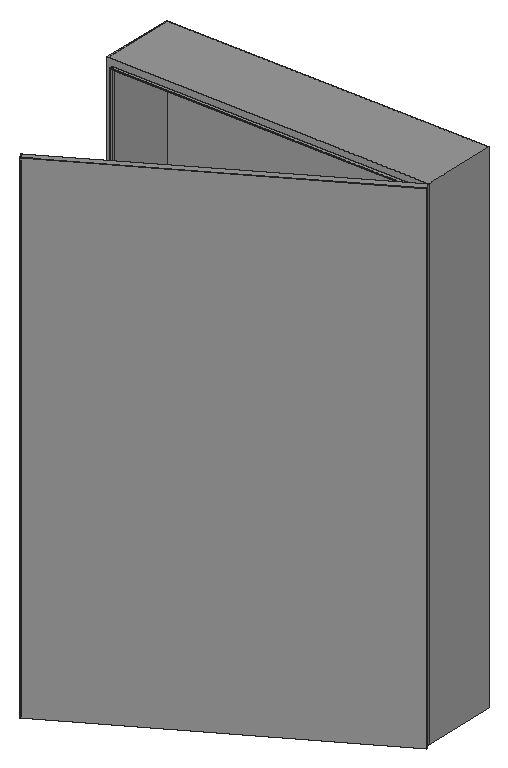
Revit family "Hager-Univers-IP44-D205-H1250-Cl.II-Encl-NoHosted-ES-es", category Electrical Equipment, Revit 2020
Family settings
  Panel Configuration = Two Columns, Circuits Across
  Round Connector Dimension = Use Diameter
  Part Type = Panelboard
  Work Plane-Based = Yes
  Always vertical = Yes
  Cut with Voids When Loaded = No
  Shared = No
  Room Calculation Point = No
Parameters (values of type "Montado superficial (escayola) IP44 A800 A1250 P205  - FP83SN2")
  Width Control [instance] = if([EF000008 - Anchura] > Min Width, [EF000008 - Anchura], Min Width)  # 800 mm
  Type Comments = [HG000003 - Gama]  # "Univers"
  Thickness Door [instance] = if([EF009171 - Espesor puerta/tapa] > 3 mm, 3 mm, [EF009171 - Espesor puerta/tapa])  # 1 mm
  Seal Frame Offset [instance] = 17 mm  # constant formula
  Plinth Visibility [instance] = [HG000027 - Altura de zócalo] > 0 mm  # no
  Min Width [instance] = 100 mm  # constant formula
  Min Depth [instance] = (2 * [EF009170 - Espesor del material de la caja]) + 1 mm  # 3 mm
  Min Height [instance] = 100 mm  # constant formula
  Internal Frame Depth [instance] = (Door System Depth * 0.5)  # 9 mm
  Panel Name [instance] = ""  # (empty or 0)
  Model = ""
  HG000027 - Altura de zócalo = 0 mm
  HG000026 - Instalación en suelo = no
  HG000024 - Altura de la sección inferior = 600 mm
  HG000023 - Caja de doble sección = no
  HG000016 - Visibilidad de la puerta 3D [instance] = yes
  HG000015 - Visibilidad a través de la puerta [instance] = no
  HG000014 - Puerta a la derecha [instance] = yes
  HG000013 - Puerta a la izquierda [instance] = not([HG000014 - Puerta a la derecha])  # no
  HG000012 - Ángulo de giro de la puerta [instance] = 30.00°
  HG000010 - Puertas asimétricas = no
  HG000009 - Puerta batiente doble = no
  HG000006 - Empotrado = no
  HG000004 - Referencia del fabricante = "FP83SN2"
  HG000003 - Gama = "Univers"
  HG000002 - Con puerta o tapa = yes
  Frame Offset Bottom [instance] = 10 mm  # constant formula
  Frame Offset [instance] = 15 mm  # constant formula
  EF015940 - Tapa con alivio de sobrepresión = no
  EF011959 - Grado de protección (NEMA) = ""
  EF009554 - Número de aberturas para placas-brida = 6
  EF009212 - Versión de la cubierta = "EV000116 - Cerrado"
  EF009171 - Espesor puerta/tapa = 1 mm
  EF009170 - Espesor del material de la caja = 1 mm
  EF008873 - Corriente nominal (In) = 250 A
  EF007800 - Adecuado para la protección contra rayos = no
  EF006306 - Con cierre = no
  EF006244 - Tapa/puerta transparente = no
  EF005474 - Grado de protección (IP) = "EV006418 - IP44"
  EF004464 - Tipo de puerta = "EV002646 - Único"
  EF004427 - Número de módulos = 288
  EF004293 - Resistencia al impacto (IK) = "EV006815 - IK09"
  EF003532 - Adecuado para uso en exteriores = no
  EF002950 - Anchura de unidades de división = 36
  EF001613 - Integridad del circuito = "EV000494 - Ninguno"
  EF001596 - Material de la carcasa = "EV000179 - Acero"
  EF001131 - Profundidad interna = 130 mm
  EF001088 - Posibilidad de extensión = yes
  EF000437 - Número de entradas de conductos de cables = 6
  EF000339 - Tipo de cubierta = "EV004216 - Puerta"
  EF000266 - Número de filas = 8
  EF000218 - Profundidad de instalación = 205 mm
  EF000118 - Con placa de montaje = no
  EF000116 - Número RAL = "9010"
  EF000049 - Profundidad = 205 mm
  EF000040 - Altura = 1250 mm
  EF000008 - Anchura = 800 mm
  EF000007 - Color = "EV000202 - Blanco"
  EF000003 - Tipo de montaje = "EV000384 - Montado superficial (escayola)"
  Door System Leaf Tolerance [instance] = 1.5 mm  # constant formula
  Door System Depth [instance] = 18 mm  # constant formula
  Door Height [instance] = Height Control - [HG000027 - Altura de zócalo]  # 1250 mm
  Description = ""
  Default Elevation = 1219.2 mm
  Connector Offset [instance] = Height Control / 2  # 625 mm
  Manufacturer = "Hager"  # constant formula
  Height Control [instance] = if([EF000040 - Altura] > Min Height, [EF000040 - Altura], Min Height)  # 1250 mm
  Depth Control [instance] = if([EF000049 - Profundidad] > Min Depth, [EF000049 - Profundidad], Min Depth)  # 205 mm
  Bottom Top Plate Trim [instance] = 1.5 mm  # constant formula
  Plinth height Ctrl [instance] = if([HG000027 - Altura de zócalo] > 0 mm, [HG000027 - Altura de zócalo], 12 mm)  # 12 mm
Types (5, lengths in mm): name | Width Control | HG000010 - Puertas asimétricas | HG000009 - Puerta batiente doble | HG000004 - Referencia del fabricante | EF009554 - Número de aberturas para placas-brida | EF004464 - Tipo de puerta | EF004427 - Número de módulos | EF002950 - Anchura de unidades de división | EF001131 - Profundidad interna | EF000437 - Número de entradas de conductos de cables | EF000339 - Tipo de cubierta | EF000008 - Anchura
  Montado superficial (escayola) IP44 A1050 A1250 P205  - FP84SN2 | 1050 | no | yes | "FP84SN2" | 8 | "EV003602 - Doble" | 384 | 48 | 130 | 8 | "EV004216 - Puerta" | 1050
  Montado superficial (escayola) IP44 A1300 A1250 P205  - FP85SN2 | 1300 | yes | yes | "FP85SN2" | 10 | "EV003602 - Doble" | 480 | 60 | 130 | 10 | "EV004216 - Puerta" | 1300
  Montado superficial (escayola) IP44 A300 A1250 P205  - FP81SN2 | 300 | no | no | "FP81SN2" | 2 | "EV002646 - Único" | 96 | 12 | 143 | 2 | "EV001012 - Cubrir" | 300
  Montado superficial (escayola) IP44 A550 A1250 P205  - FP82SN2 | 550 | no | no | "FP82SN2" | 4 | "EV002646 - Único" | 192 | 24 | 143 | 4 | "EV001012 - Cubrir" | 550
  Montado superficial (escayola) IP44 A800 A1250 P205  - FP83SN2 | 800 | no | no | "FP83SN2" | 6 | "EV002646 - Único" | 288 | 36 | 130 | 6 | "EV004216 - Puerta" | 800
Reference planes
  plane 1 "Center (Front/Back)": y = 0
  plane 2: z = 0
  plane 3 "Center (Left/Right)": x = 0
  plane 4: y = 0
  plane 5: y = 0
  plane 6: z = 0
  plane 7: x = -400
  plane 8: x = 400
  plane 9: x = 399
  plane 10: x = -399
  plane 11: z = 0
  plane 12: z = 1
  plane 13: y = -205
  plane 14: y = -1
  plane 15: x = 0
  plane 16: y = -187
  plane 17: y = -204
  plane 18: y = -186
  plane 19: x = -384
  plane 20: x = 384
  plane 21: z = 11
  plane 22: x = -383
  plane 23: x = 383
  plane 24: z = 0
  plane 25: z = 1250
  plane 26: z = 1250
  plane 27: z = 1234
  plane 28: z = 1249
Forms (mm)
  Extrusion 1, solid, material "Hager_Steel_RAL7035_Light_Grey", detail levels medium+fine
    sketch origin (-208.679, -4572, 0) x (-1, 0, 0) y (0, -1, 0)
      loop
        line (191.321, -4385) -> (-608.679, -4385) -> (-608.679, -4572) -> (191.321, -4572) -> (191.321, -4385)
    from 0 to 1250
  Extrusion 2, void
    sketch origin (-350.771, -205, 1219.2) x (1, 0, 0) y (0, 0, 1)
      loop
        line (-48.229, 29.8) -> (-48.229, -1218.2) -> (749.771, -1218.2) -> (749.771, 29.8) -> (-48.229, 29.8)
    from -19 to -204
  Extrusion 3, void
    sketch origin (-290.084, -187, 1219.2) x (1, 0, 0) y (0, 0, 1)
      loop
        line (-93.916, -1208.2) -> (674.084, -1208.2) -> (674.084, 14.8) -> (-93.916, 14.8) -> (-93.916, -1208.2)
    from 0 to -1
  Extrusion 4, solid, material "Hager_Steel_RAL7035_Light_Grey", visible <- "Plinth Visibility", detail levels medium+fine
    sketch origin (0, 0, 0) x (1, 0, 0) y (0, 1, 0)
      loop
        line (-400, 0) -> (-400, -187) -> (400, -187) -> (400, 0) -> (-400, 0)
    from 0 to 12 <- "Plinth height Ctrl"
  Extrusion 5, solid, material "Hager_Steel_RAL7035_Light_Grey", detail levels coarse
    sketch origin (0, 0, 0) x (1, 0, 0) y (0, 1, 0)
      loop
        line (-400, 0) -> (-400, -205) -> (400, -205) -> (400, 0) -> (-400, 0)
    from 0 to 1250 <- "Height Control"
  Sweep 6, void
    path in 3D
      loop
        line (-400, -187, 12) -> (400, -187, 12) -> (400, 0, 12) -> (-400, 0, 12) -> (-400, -187, 12)
    profile origin (-400, -93.5, 12) x (1, 0, 0) y (0, 0, 1)
      loop
        line (0, 0) -> (0, -1.5) -> (1.5, -1.5)
        arc (1.5, -1.5) -> (1.061, -0.439) -> (0, 0) r 1.5
  Extrusion 7, solid, material "Hager_Steel_RAL7035_Light_Grey", detail levels fine
    sketch origin (-400, -187, 0) x (1, 0, 0) y (0, 0, 1)
      loop
        line (16, 11) -> (784, 11) -> (784, 1234) -> (16, 1234) -> (16, 11)
      loop
        line (15, 10) -> (785, 10) -> (785, 1235) -> (15, 1235) -> (15, 10)
    from 0 to 9 <- "Internal Frame Depth"
Cuts and joins
  Extrusion 2, Extrusion 3 cuts Extrusion 1
  Sweep 6 cuts Extrusion 4
Lines and regions (mm)
  Masking region 1
    outline origin (0, 0, 0) x (1, 0, 0) y (0, 1, 0)
      loop
        line (-400, 0) -> (-400, -205) -> (400, -205) -> (400, 0) -> (-400, 0)
  Masking region 2, detail levels coarse
    outline origin (-290.084, -187, 1219.2) x (-1, 0, 0) y (0, 0, 1)
      loop
        line (-690.084, -1219.2) -> (109.916, -1219.2) -> (109.916, 30.8) -> (-690.084, 30.8) -> (-690.084, -1219.2)
  Masking region 3, detail levels coarse
    outline origin (0, 0, 0) x (0, 1, 0) y (0, 0, 1)
      loop
        line (0, 0) -> (0, 1250) -> (-205, 1250) -> (-205, 0) -> (0, 0)
  Masking region 4, visible <- "Plinth Visibility", detail levels medium+fine
    outline origin (0, 0, 0) x (0, 1, 0) y (0, 0, 1)
      loop
        line (-1.5, 12) -> (-185.5, 12)
        arc (-185.5, 12) -> (-185.939, 10.939) -> (-187, 10.5) r 1.5
        line (-187, 10.5) -> (-187, 0) -> (0, 0) -> (0, 10.5)
        arc (0, 10.5) -> (-1.061, 10.939) -> (-1.5, 12) r 1.5
  Masking region 5, detail levels medium+fine
    outline origin (0, 0, 594.038) x (0, 1, 0) y (0, 0, 1)
      loop
        line (0, -594.038) -> (0, 655.962) -> (-187, 655.962) -> (-187, -594.038) -> (0, -594.038)
  Masking region 6, detail levels medium+fine
    outline origin (-359.7, -187, 1211.883) x (-1, 0, 0) y (0, 0, 1)
      loop
        line (-759.7, -1211.883) -> (40.3, -1211.883) -> (40.3, 38.117) -> (-759.7, 38.117) -> (-759.7, -1211.883)
  Masking region 7, visible <- "Plinth Visibility", detail levels medium+fine
    outline origin (-320.334, -187, 1041.368) x (-1, 0, 0) y (0, 0, 1)
      loop
        line (-720.334, -1041.368) -> (79.666, -1041.368) -> (79.666, -1030.868)
        arc (79.666, -1030.868) -> (78.606, -1030.429) -> (78.166, -1029.368) r 1.5
        line (78.166, -1029.368) -> (-718.834, -1029.368)
        arc (-718.834, -1029.368) -> (-719.273, -1030.429) -> (-720.334, -1030.868) r 1.5
        line (-720.334, -1030.868) -> (-720.334, -1041.368)
  sketch lines
    curve 1: line (-400, 0, 12) -> (-400, -187, 12)
    curve 2: line (-400, -187, 12) -> (400, -187, 12)
    curve 3: line (400, 0, 12) -> (-400, 0, 12)
    curve 4: line (400, -187, 12) -> (400, 0, 12)
Dimensions and locks
  locked: plane 1 "Center (Front/Back)" to plane 5
  "EF009170 - Espesor del material de la caja": plane 7 to plane 10
  "EF009170 - Espesor del material de la caja": plane 8 to plane 9
  equal spacing: plane 7, plane 3 "Center (Left/Right)", plane 8
  "Width Control": plane 7 to plane 8
  "Depth Control": plane 4 to plane 13
  "EF009170 - Espesor del material de la caja": plane 4 to plane 14
  "Height Control": plane 25 to level
  "HG000027 - Altura de zócalo": plane 11 to level
  "EF009170 - Espesor del material de la caja": plane 12 to plane 11
  "EF009170 - Espesor del material de la caja": plane 17 to plane 13
  "EF009170 - Espesor del material de la caja": plane 18 to plane 16
  "Frame Offset Bottom": plane 21 to plane 12
  "Frame Offset": plane 10 to plane 19
  "Frame Offset": plane 9 to plane 20
  "Door System Depth": plane 16 to plane 13
  "Seal Frame Offset": plane 7 to plane 22
  "Seal Frame Offset": plane 8 to plane 23
  "EF009170 - Espesor del material de la caja": plane 26 to plane 28
  "Frame Offset": plane 28 to plane 27
  "Connector Offset": plane 2 to connector elem
  "Bottom Top Plate Trim": profile plane to Sweep 6 sketch curve
  "Bottom Top Plate Trim": Sweep 6 sketch curve to Sweep 6 sketch curve
  "Plinth height Ctrl": Masking region 4 sketch curve to level
  "Plinth height Ctrl": Masking region 7 sketch curve to level
  "Thickness Door": Extrusion 7 sketch curve to Extrusion 7 sketch curve  (x4)
  "Bottom Top Plate Trim": radius of Sweep 6 sketch curve
  "Bottom Top Plate Trim": radius of Masking region 4 sketch curve  (x2)
  "Bottom Top Plate Trim": radius of Masking region 7 sketch curve  (x2)
  aligned and locked: Extrusion 2 sketch curve to plane 12
  aligned and locked: Extrusion 2 sketch curve to plane 9
  aligned and locked: Extrusion 2 sketch curve to plane 10
  aligned and locked: Extrusion 2 to plane 14
  aligned and locked: Extrusion 1 sketch curve to plane 4
  aligned and locked: plane 8 to Extrusion 1 sketch curve
  aligned and locked: plane 7 to Extrusion 1 sketch curve
  aligned and locked: Extrusion 2 to plane 18
  aligned and locked: Extrusion 3 sketch curve to plane 19
  aligned and locked: plane 20 to Extrusion 3 sketch curve
  aligned and locked: Extrusion 3 to Extrusion 2
  aligned and locked: Extrusion 3 sketch curve to plane 21
  aligned and locked: plane 3 "Center (Left/Right)" to nested 1
  aligned and locked: Extrusion 1 sketch curve to plane 16
  aligned and locked: Extrusion 4 sketch curve to cut or joined group of Extrusion 1, Extrusion 2, Extrusion 3
  aligned and locked: Masking region 1 sketch curve to plane 7
  aligned and locked: Masking region 1 sketch curve to plane 5
  aligned and locked: Masking region 1 sketch curve to plane 8
  aligned and locked: Masking region 2 sketch curve to level
  aligned and locked: level to Masking region 3 sketch curve
  aligned and locked: plane 1 "Center (Front/Back)" to Masking region 3 sketch curve
  aligned and locked: plane 13 to Masking region 3 sketch curve
  aligned and locked: plane 5 to Masking region 4 sketch curve
  aligned and locked: Masking region 2 sketch curve to plane 8
  aligned and locked: Masking region 2 sketch curve to plane 7
  aligned and locked: plane 7 to nested 2
  aligned and locked: nested 2 to plane 5
  aligned and locked: plane 5 to Masking region 5 sketch curve
  aligned and locked: plane 26 to Masking region 5 sketch curve
  aligned and locked: Extrusion 5 sketch curve to plane 8
  aligned and locked: Extrusion 5 sketch curve to plane 7
  aligned and locked: Extrusion 5 sketch curve to plane 5
  aligned and locked: Extrusion 3 sketch curve to plane 27
  aligned and locked: Extrusion 2 sketch curve to plane 28
  aligned and locked: Masking region 2 to plane 25
  aligned and locked: Extrusion 4 to plane 16
  aligned and locked: profile plane to Sweep 6 sketch curve
  aligned and locked: Masking region 5 sketch curve to plane 24
  aligned and locked: level to Masking region 4 sketch curve
  aligned and locked: Masking region 1 to plane 13
  aligned and locked: nested 1 to plane 16
  aligned and locked: Masking region 3 to plane 25
  aligned and locked: plane 16 to Masking region 4 sketch curve
  aligned and locked: Masking region 5 sketch curve to plane 16
  aligned and locked: plane 24 to plane 11
  aligned and locked: plane 26 to plane 25
  aligned and locked: plane 26 to cut or joined group of Extrusion 1, Extrusion 2, Extrusion 3
  aligned and locked: nested 1 to plane 24
  aligned and locked: Extrusion 1 to Extrusion 3
  aligned and locked: Masking region 6 sketch curve to plane 8
  aligned and locked: Masking region 6 sketch curve to plane 24
  aligned and locked: Masking region 6 sketch curve to plane 7
  aligned and locked: Masking region 6 sketch curve to plane 26
  aligned and locked: Masking region 7 sketch curve to plane 7
  aligned and locked: level to Masking region 7 sketch curve
  aligned and locked: Masking region 7 sketch curve to plane 8
  aligned and locked: Extrusion 7 sketch curve to cut or joined group of Extrusion 1, Extrusion 2, Extrusion 3  (x4)
Automatic sketch dimensions
  plane 19 to Extrusion 3 sketch curve = 0 mm
  Extrusion 3 sketch curve to plane 20 = 0 mm
  Extrusion 3 sketch curve to plane 21 = 0 mm
  Extrusion 4 sketch curve to plane 7 = 0 mm
  Extrusion 4 sketch curve to plane 8 = 0 mm
  Extrusion 4 sketch curve to plane 16 = 0 mm
  Masking region 1 sketch curve to plane 13 = 0 mm
  Masking region 2 sketch curve to plane 25 = 0 mm
  Masking region 3 sketch curve to plane 25 = 0 mm
  Extrusion 5 sketch curve to plane 13 = 0 mm
  profile plane to Sweep 6 sketch curve = 0 mm
Nested families
  nested 1: "EC000058_Univers_Door" at (0, -187, 0), Double <- "HG000009 - Puerta batiente doble", Transparent <- "EF006244 - Tapa/puerta transparente", Angle <- "HG000012 - Ángulo de giro de la puerta", Door_Right <- "HG000014 - Puerta a la derecha", Assymetrical <- "HG000010 - Puertas asimétricas", Door <- "HG000002 - Con puerta o tapa", Width_Ctrl <- "Width Control", 3d_Door <- "HG000016 - Visibilidad de la puerta 3D", Clearance <- "HG000015 - Visibilidad a través de la puerta", Door_Left <- "HG000013 - Puerta a la izquierda", Width <- "Width Control", Door_Depth <- "Door System Depth", Leaf_Tolerance <- "Door System Leaf Tolerance", Height <- "Door Height", Lock_Visibility <- "EF006306 - Con cierre", Thickness <- "Thickness Door", type "EC000058_Univers_Door", detail levels medium+fine
    with min_wh 3 mm, Width_Ctrl 800 mm, Width 800 mm, Transparent no, Thickness 1 mm, Seal_Material Hager_Rubber, Lock_Visibility no, Lock_Material Hager_Plastic_RAL9005_Jet_Black, Leaf_Width 800 mm, Leaf_Tolerance_External_Sides 0 mm, Leaf_Tolerance 1.5 mm, Leaf_Offset 0 mm, Leaf_Height 1247 mm, Leaf_2_Width 800 mm, Leaf_2_Offset 400 mm, Leaf_1_Width 800 mm, Leaf_1_Offset 400 mm, Height_Ctrl 1250 mm, Height 1250 mm, Glass_Material Hager_Glass, Double_Clearance_Ctrl no, Double no, Door_Right_Ctrl yes, Door_Right yes, Door_Material Hager_Steel_RAL7035_Light_Grey, Door_Left_Ctrl no, Door_Left no, Door_Depth 18 mm, Door yes, Clearance_Material Hager_Clearance, Clearance_Depth 800 mm, Clearance_Ctrl no, Clearance no, Assymetrical no, Angle 30.00°, 3d_Door yes
  nested 2: "Hager_Enclosure_Symbol" at (-400, 0, 0), Height <- "Depth Control", Width <- "Width Control", type "Hager_Enclosure_Symbol"
    with Width_Ctrl 800 mm, Width 800 mm, Height_Ctrl 205 mm, Height 205 mm, A_Width_Int 13.453 mm, A_Width 161.438 mm, A_Height_Ctrl 179.375 mm, A_Height 179.375 mm
Connectors
  electrical at (0, 0, 625)
    settings: on plane 1 "Center (Front/Back)", index 1, voltage 0 V, apparent load 0 VA, apparent load phase1 0 VA, apparent load phase2 0 VA, apparent load phase3 0 VA, power factor 1, load classification "Other", number of poles 1, system type 30, power factor state 1, is connector primary yes, connector utility no, sub classification motor no, connector description ""
Definition of nested family "EC000058_Univers_Door"
  Parameters (values of type "EC000058_Univers_Door")
    min_wh [instance] = (2 * Thickness) + 1 mm  # 11 mm
    Width_Ctrl [instance] = 400 mm
    Width [instance] = 500 mm
    Transparent [instance] = yes
    Thickness [instance] = 5 mm
    Seal_Material [instance] = none
    Lock_Visibility [instance] = yes
    Lock_Material [instance] = none
    Leaf_Width [instance] = if((Width_Ctrl - 2 * Leaf_Tolerance_External_Sides) > 0 mm, (Width_Ctrl - 2 * Leaf_Tolerance_External_Sides), min_wh)  # 400 mm
    Leaf_Tolerance_External_Sides [instance] = 0 mm  # constant formula
    Leaf_Tolerance [instance] = 1.5 mm
    Leaf_Offset [instance] = 0 mm  # constant formula
    Leaf_Height [instance] = if((Height_Ctrl - 2 * Leaf_Tolerance) > 0 mm, (Height_Ctrl - 2 * Leaf_Tolerance), min_wh)  # 497 mm
    Leaf_2_Width [instance] = if(and(and(Double, Assymetrical), Door_Left), (Leaf_Width / 3) - (Leaf_Tolerance / 2), if(and(and(Double, Assymetrical), Door_Right), (Leaf_Width / 3) * 2 - (Leaf_Tolerance / 2), if(and(Double, not(Assymetrical)), (Leaf_Width / 2) - Leaf_Tolerance, Leaf_Width)))  # 400 mm
    Leaf_2_Offset [instance] = if(and(Double, Assymetrical), Leaf_2_Width / 2, if(and(Double, not(Assymetrical)), Leaf_Width / 4, Leaf_Width / 2))  # 200 mm
    Leaf_1_Width [instance] = if(and(and(Double, Assymetrical), Door_Right), (Leaf_Width / 3) - (Leaf_Tolerance / 2), if(and(and(Double, Assymetrical), Door_Left), (Width / 3) * 2 - (Leaf_Tolerance / 2), if(and(Double, not(Assymetrical)), (Leaf_Width / 2) - Leaf_Tolerance, Leaf_Width)))  # 400 mm
    Leaf_1_Offset [instance] = if(and(Double, Assymetrical), Leaf_1_Width / 2, if(and(Double, not(Assymetrical)), Leaf_Width / 4, Leaf_Width / 2))  # 200 mm
    Height_Ctrl [instance] = if(Height > min_wh, Height, min_wh)  # 500 mm
    Height [instance] = 500 mm
    Glass_Material [instance] = none
    Double_Clearance_Ctrl [instance] = and(Double, Clearance)  # no
    Double [instance] = no
    Door_Right_Ctrl [instance] = and(or(Door_Right, Double), Door)  # yes
    Door_Right [instance] = yes
    Door_Material [instance] = none
    Door_Left_Ctrl [instance] = and(or(Door_Left, Double), Door)  # no
    Door_Left [instance] = no
    Door_Depth [instance] = 30 mm
    Door [instance] = yes
    Default Elevation = 1219.2 mm
    Clearance_Material [instance] = none
    Clearance_Depth [instance] = if(Leaf_1_Width > Leaf_2_Width, Leaf_1_Width, Leaf_2_Width)  # 400 mm
    Clearance_Ctrl [instance] = and(not(Double), Clearance)  # yes
    Clearance [instance] = yes
    Assymetrical [instance] = yes
    Angle [instance] = 30.00°
    3d_Door [instance] = yes
  Reference planes
    plane 1 "Center (Front/Back)": y = 0
    plane 2 "Bottom": z = 0
    plane 3 "Center (Left/Right)": x = 0
    plane 4: z = 500
    plane 5: x = -200
    plane 6: x = 200
    plane 7: z = 500
    plane 8: x = -200
    plane 9: z = 0
    plane 10: x = 200
    plane 11: y = 0
    plane 12: z = 1.5
    plane 13: x = -600
    plane 14: y = -400
    plane 15: x = 600
    plane 16: x = 0
    plane 17: x = 0
    plane 18: x = -200
    plane 19: x = 200
    plane 20: z = 498.5
  Forms (mm)
    Extrusion 1, solid, material <- "Clearance_Material", visible <- "Double_Clearance_Ctrl"
      sketch origin (1200, 0, 0) x (1, 0, 0) y (0, 0, -1)
        loop
          line (-1800, -498.5) -> (-600, -498.5) -> (-600, 0) -> (-1800, 0) -> (-1800, -498.5)
      from 0 to -400
  Dimensions and locks
    equal spacing: plane 5, plane 3 "Center (Left/Right)", plane 6
    "Width_Ctrl": plane 5 to plane 6
    "Leaf_Offset": plane 5 to plane 8
    "Leaf_Offset": plane 6 to plane 10
    "Leaf_Offset": plane 9 to level
    "Leaf_Offset": plane 4 to plane 7
    "Height_Ctrl": plane 4 to level
    "Leaf_Tolerance": plane 12 to plane 9
    locked: plane 11 to plane 1 "Center (Front/Back)"
    "Leaf_1_Offset": plane 18 to plane 16
    "Leaf_2_Offset": plane 17 to plane 19
    "Leaf_1_Width": plane 13 to plane 8
    "Leaf_2_Width": plane 10 to plane 15
    "Clearance_Depth": plane 14 to plane 1 "Center (Front/Back)"
    "Leaf_Tolerance_External_Sides": plane 8 to plane 18
    "Leaf_Tolerance_External_Sides": plane 19 to plane 10
    "Leaf_Tolerance": plane 7 to plane 20
    aligned and locked: level to plane 2 "Bottom"
    aligned and locked: nested 1 to plane 16
    aligned and locked: nested 2 to plane 17
    aligned and locked: Extrusion 1 to plane 13
    aligned and locked: plane 15 to Extrusion 1
    aligned and locked: Extrusion 1 to plane 14
    aligned and locked: plane 12 to nested 1
    aligned and locked: nested 2 to plane 12
    aligned and locked: Extrusion 1 to plane 11
    aligned and locked: plane 20 to Extrusion 1
    aligned and locked: nested 2 to plane 11
    aligned and locked: nested 1 to plane 11
  Automatic sketch dimensions
    Extrusion 1 sketch curve to level = 0 mm
    plane 5 to Extrusion 1 sketch curve = 400 mm
    plane 6 to Extrusion 1 sketch curve = 400 mm
    Extrusion 1 sketch curve to plane 4 = 1.5 mm
  Nested families
    nested 1: "EC000058_Univers_Door_Leaf" at (0, 0, 1.5), Width <- "Leaf_1_Width", visible <- "Door_Left_Ctrl", Leaf_Height <- "Leaf_Height", Angle <- "Angle", 3d_Door <- "3d_Door", Transparent <- "Transparent", Clearance Material <- "Clearance_Material", Clearance <- "Clearance_Ctrl", Door_Material <- "Door_Material", Glass_Material <- "Glass_Material", Door_Depth <- "Door_Depth", Lock_Material <- "Lock_Material", Seal_Material <- "Seal_Material", Lock_Visibility <- "Lock_Visibility", Thickness <- "Thickness", type "EC000058_Univers_Door_Leaf"
      with Width 400 mm, Transparent_Glass_Offset 30 mm, Transparent_Ctrl yes, Transparent yes, Thickness 5 mm, Standard no, Seal_Material none, Seal_D2 8 mm, Seal_D1 1 mm, Offset_Internal_Frame 10 mm, Lock_Width 20 mm, Lock_Visibility_3d yes, Lock_Visibility yes, Lock_Thickness_3 3 mm, Lock_Thickness_2 1 mm, Lock_Thickness_1 3 mm, Lock_Radius_Offset_2 16 mm, Lock_Radius_Offset_1 15 mm, Lock_Radius_2 5 mm, Lock_Radius 6 mm, Lock_Offset 5 mm, Lock_Material none, Lock_Height 80 mm, Lock_Cover_Top_Offset_2d 17 mm, Lock_Cover_Height -65 mm, Leaf_Height 497 mm, Internal_Seal_Thickness 8 mm, Internal_Seal_Depth_2 4.5 mm, Internal_Frame_Depth 25 mm, Glass_Thickness -1 mm, Glass_Offset -2 mm, Glass_Material none, Door_Material none, Door_Depth 30 mm, Clearance Material none, Clearance yes, Angle_Ctrl 30.00°, Angle 30.00°, 3d_Door yes
    nested 2: "EC000058_Univers_Door_Leaf" at (0, 0, 1.5) x (-1, 0, 0) z (0, 0, 1), Width <- "Leaf_2_Width", visible <- "Door_Right_Ctrl", Leaf_Height <- "Leaf_Height", Angle <- "Angle", 3d_Door <- "3d_Door", Transparent <- "Transparent", Clearance Material <- "Clearance_Material", Clearance <- "Clearance_Ctrl", Door_Material <- "Door_Material", Glass_Material <- "Glass_Material", Door_Depth <- "Door_Depth", Lock_Material <- "Lock_Material", Seal_Material <- "Seal_Material", Lock_Visibility <- "Lock_Visibility", Thickness <- "Thickness", type "EC000058_Univers_Door_Leaf"
      with Width 400 mm, Transparent_Glass_Offset 30 mm, Transparent_Ctrl yes, Transparent yes, Thickness 5 mm, Standard no, Seal_Material none, Seal_D2 8 mm, Seal_D1 1 mm, Offset_Internal_Frame 10 mm, Lock_Width 20 mm, Lock_Visibility_3d yes, Lock_Visibility yes, Lock_Thickness_3 3 mm, Lock_Thickness_2 1 mm, Lock_Thickness_1 3 mm, Lock_Radius_Offset_2 16 mm, Lock_Radius_Offset_1 15 mm, Lock_Radius_2 5 mm, Lock_Radius 6 mm, Lock_Offset 5 mm, Lock_Material none, Lock_Height 80 mm, Lock_Cover_Top_Offset_2d 17 mm, Lock_Cover_Height -65 mm, Leaf_Height 497 mm, Internal_Seal_Thickness 8 mm, Internal_Seal_Depth_2 4.5 mm, Internal_Frame_Depth 25 mm, Glass_Thickness -1 mm, Glass_Offset -2 mm, Glass_Material none, Door_Material none, Door_Depth 30 mm, Clearance Material none, Clearance yes, Angle_Ctrl 30.00°, Angle 30.00°, 3d_Door yes
  Definition of nested family "EC000058_Univers_Door_Leaf"
    Parameters (values of type "EC000058_Univers_Door_Leaf")
      Width [instance] = 2000 mm
      Transparent_Glass_Offset [instance] = 30 mm
      Transparent_Ctrl [instance] = and(Transparent, [3d_Door])  # yes
      Transparent [instance] = yes
      Thickness [instance] = 5 mm
      Standard [instance] = and(not(Transparent), [3d_Door])  # no
      Seal_Material [instance] = none
      Seal_D2 [instance] = 8 mm  # constant formula
      Seal_D1 [instance] = 1 mm  # constant formula
      Offset_Internal_Frame [instance] = 10 mm  # constant formula
      Lock_Width [instance] = 20 mm  # constant formula
      Lock_Visibility_3d [instance] = and(Lock_Visibility, [3d_Door])  # yes
      Lock_Visibility [instance] = yes
      Lock_Thickness_3 [instance] = 3 mm  # constant formula
      Lock_Thickness_2 [instance] = 1 mm  # constant formula
      Lock_Thickness_1 [instance] = 3 mm  # constant formula
      Lock_Radius_Offset_2 [instance] = Lock_Radius_Offset_1 + 1 mm  # 16 mm
      Lock_Radius_Offset_1 [instance] = 15 mm  # constant formula
      Lock_Radius_2 [instance] = Lock_Radius - 1 mm  # 5 mm
      Lock_Radius [instance] = 6 mm  # constant formula
      Lock_Offset [instance] = 5 mm  # constant formula
      Lock_Material [instance] = none
      Lock_Height [instance] = 80 mm  # constant formula
      Lock_Cover_Top_Offset_2d [instance] = Lock_Radius_Offset_2 + 1 mm  # 17 mm
      Lock_Cover_Height [instance] = -(Lock_Height - Lock_Radius_Offset_1)  # -65 mm
      Leaf_Height [instance] = 2720.336 mm
      Internal_Seal_Thickness [instance] = 8 mm  # constant formula
      Internal_Seal_Depth_2 [instance] = 4.5 mm  # constant formula
      Internal_Frame_Depth [instance] = if(Door_Depth - Thickness > 5 mm, Door_Depth - Thickness, 5 mm)  # 25 mm
      Glass_Thickness [instance] = if(Thickness > 15 mm, Glass_Offset + 10 mm, -1 mm)  # -1 mm
      Glass_Offset [instance] = if(Thickness > 15 mm, -(Thickness + 10 mm) / 2, -2 mm)  # -2 mm
      Glass_Material [instance] = none
      Door_Material [instance] = none
      Door_Depth [instance] = 30 mm
      Default Elevation = 0 mm
      Clearance Material [instance] = none
      Clearance [instance] = yes
      Angle_Ctrl [instance] = if(Angle > 180.00°, 180.00°, Angle)  # 90.00°
      Angle [instance] = 90.00°
      3d_Door [instance] = yes
    Reference planes
      plane 1 "Center (Front/Back)": y = 0
      plane 2: z = 0
      plane 3 "Center (Left/Right)": x = 0
      plane 4: y = 2000
      plane 5: x = -1000
      plane 6: x = 1000
      plane 7: x = -3000
      plane 8: z = 2720.336
      plane 9: z = 30
      plane 10: z = 2690.336
      plane 11: x = 970
      plane 12: x = -970
      plane 13: y = -3
      plane 14: z = 107.833
      plane 15: y = -5
      plane 16: y = -223.314
      plane 17: x = -1000
      plane 18: z = 1360.168
      plane 19: y = 30
    Forms (mm)
      Extrusion 1, solid, material <- "Clearance Material", visible <- "Clearance"
        sketch origin (0, 0, 0) x (1, 0, 0) y (0, 0, 1)
          loop
            line (-3000, 2720.336) -> (-3000, 0) -> (1000, 0) -> (1000, 2720.336) -> (-3000, 2720.336)
        from 0 to -2000
      Extrusion 2, solid, material <- "Door_Material", visible <- "Standard", detail levels medium+fine
        sketch origin (-1000, 0, 0) x (0, 1, 0) y (-1, 0, 0)
          loop
            line (0, 30) -> (0, 25) -> (2000, 25) -> (2000, 30) -> (0, 30)
        from 0 to 2720.336 <- "Leaf_Height"
      Extrusion 3, solid, material <- "Door_Material", visible <- "Transparent_Ctrl", detail levels medium+fine
        sketch origin (-1000, 0, 0) x (0, 1, 0) y (-1, 0, 0)
          loop
            line (0, 25) -> (2000, 25) -> (2000, 30) -> (0, 30) -> (0, 25)
        from 0 to 2720.336 <- "Leaf_Height"
      Extrusion 4, void
        sketch origin (-1025, 2000, 0) x (0, 1, 0) y (0, 0, -1)
          loop
            line (-30, -2690.336) -> (-30, -30) -> (-1970, -30) -> (-1970, -2690.336) -> (-30, -2690.336)
        from 0 to 5 <- "Thickness"
      Sweep 5, solid, material <- "Seal_Material", visible <- "Transparent_Ctrl", detail levels fine
        path in 3D
          loop
            line (-1025, 30, 30) -> (-1025, 30, 2690.336) -> (-1025, 1970, 2690.336) -> (-1025, 1970, 30) -> (-1025, 30, 30)
        profile origin (-1025, 1000, 30) x (1, 0, 0) y (0, 0, 1)
          loop
            line (0, 0) -> (0, -8) -> (1, -8) -> (1, 0) -> (0, 0)
      Extrusion 6, solid, material <- "Glass_Material", visible <- "Transparent_Ctrl", detail levels medium+fine
        sketch origin (-1030, 0, 0) x (0, 1, 0) y (0, 0, -1)
          loop
            line (1970, -2690.336) -> (1970, -30) -> (30, -30) -> (30, -2690.336) -> (1970, -2690.336)
        from -2 <- "Glass_Offset" to -1 <- "Glass_Thickness"
      Extrusion 7, solid, material <- "Door_Material", visible <- "3d_Door", detail levels medium+fine
        sketch origin (-1025, 2000, 0) x (0, -1, 0) y (0, 0, -1)
          loop
            line (0, -2720.336) -> (2000, -2720.336) -> (2000, 0) -> (0, 0) -> (0, -2720.336)
          loop
            line (1995, -5) -> (5, -5) -> (5, -2715.336) -> (1995, -2715.336) -> (1995, -5)
        from 0 to 25 <- "Internal_Frame_Depth"
      Sweep 8, solid, material <- "Seal_Material", visible <- "Transparent_Ctrl", detail levels fine
        path in 3D
          loop
            line (-1025, 0, 0) -> (-1025, 2000, 0) -> (-1025, 2000, 2720.336) -> (-1025, 0, 2720.336) -> (-1025, 0, 0)
        profile origin (-1025, 0, 1360.168) x (1, 0, 0) y (0, 1, 0)
          loop
            line (0, 10) -> (2.975, 10)
            arc (2.975, 10) -> (4.053, 10.447) -> (4.5, 11.525) r 1.525
            line (4.5, 11.525) -> (4.5, 16.527)
            arc (4.5, 16.527) -> (4.069, 17.569) -> (3.027, 18) r 1.473
            line (3.027, 18) -> (0, 18) -> (0, 10)
      Extrusion 9, solid, material <- "Lock_Material", visible <- "Lock_Visibility_3d", detail levels fine
        sketch origin (-1030, 0, 0) x (0, 1, 0) y (0, 0, -1)
          loop
            arc (1993.5, -1400.168) -> (1994.561, -1399.729) -> (1995, -1398.668) r 1.5
            line (1995, -1398.668) -> (1995, -1320.168) -> (1975, -1320.168) -> (1975, -1398.668)
            arc (1975, -1398.668) -> (1975.439, -1399.729) -> (1976.5, -1400.168) r 1.5
            line (1976.5, -1400.168) -> (1993.5, -1400.168)
        from 3 <- "Lock_Thickness_1" to 0
      Blend 10, solid, material <- "Lock_Material", visible <- "Lock_Visibility_3d", detail levels fine
        base sketch origin (-1033, 0, 0) x (0, 1, 0) y (0, 0, -1)
          loop
            line (1975, -1320.168) -> (1975, -1398.668)
            arc (1975, -1398.668) -> (1975.439, -1399.729) -> (1976.5, -1400.168) r 1.5
            line (1976.5, -1400.168) -> (1993.5, -1400.168)
            arc (1993.5, -1400.168) -> (1994.561, -1399.729) -> (1995, -1398.668) r 1.5
            line (1995, -1398.668) -> (1995, -1320.168) -> (1975, -1320.168)
        top sketch origin (-1033, 0, 0) x (0, 1, 0) y (0, 0, -1)
          loop
            line (1976, -1320.168) -> (1976, -1398.668)
            arc (1976, -1398.668) -> (1976.146, -1399.022) -> (1976.5, -1399.168) r 0.5
            line (1976.5, -1399.168) -> (1993.5, -1399.168)
            arc (1993.5, -1399.168) -> (1993.854, -1399.022) -> (1994, -1398.668) r 0.5
            line (1994, -1398.668) -> (1994, -1320.168) -> (1976, -1320.168)
        from 0 to 1 <- "Lock_Thickness_2"
      Blend 11, solid, material <- "Lock_Material", visible <- "Lock_Visibility_3d", detail levels fine
        base sketch origin (-1034, 0, 0) x (0, 1, 0) y (0, 0, -1)
          loop
            line (1978, -1320.168) -> (1978, -1384.168)
            arc (1978, -1384.168) -> (1985, -1391.168) -> (1992, -1384.168) r 7
            line (1992, -1384.168) -> (1992, -1320.168) -> (1978, -1320.168)
        top sketch origin (-1034, 0, 0) x (0, 1, 0) y (0, 0, -1)
          loop
            line (1991, -1320.168) -> (1979, -1320.168) -> (1979, -1383.168)
            arc (1979, -1383.168) -> (1985, -1389.168) -> (1991, -1383.168) r 6
            line (1991, -1383.168) -> (1991, -1320.168)
        from 0 to 3 <- "Lock_Thickness_3"
      Extrusion 12, solid, material <- "Lock_Material", visible <- "Lock_Visibility_3d", detail levels fine
        sketch origin (-1030, 1975, 1320.168) x (1, 0, 0) y (0, -1, 0)
          loop
            line (-7, -19) -> (-7, -1) -> (0, -1) -> (0, 0) -> (-8, 0) -> (-8, -20) -> (0, -20) -> (0, -19) -> (-7, -19)
        from 0 to -65 <- "Lock_Cover_Height"
      Extrusion 13, void
        sketch origin (-1038, 1995, 1320.168) x (-1, 0, 0) y (0, 0, -1)
          loop
            line (-5, -65) -> (0, -65) -> (-5, -60) -> (-5, -65)
        from 0 to 20 <- "Lock_Width"
      Extrusion 14, void
        sketch origin (-1038, 1975, 1320.168) x (0, -1, 0) y (0, 0, -1)
          loop
            circle (-10, -15.995) r 6
          loop
            circle (-10, -15.995) r 5
        from 0 to 2
      Extrusion 15, solid, material <- "Lock_Material", visible <- "Lock_Visibility_3d", detail levels medium
        sketch origin (-1030, 0, 0) x (0, 1, 0) y (0, 0, -1)
          loop
            arc (1993.5, -1400.168) -> (1994.561, -1399.729) -> (1995, -1398.668) r 1.5
            line (1995, -1398.668) -> (1995, -1320.168) -> (1975, -1320.168) -> (1975, -1398.668)
            arc (1975, -1398.668) -> (1975.439, -1399.729) -> (1976.5, -1400.168) r 1.5
            line (1976.5, -1400.168) -> (1993.5, -1400.168)
        from 8 to 0
    Cuts and joins
      Extrusion 4 cuts Extrusion 3
      Extrusion 13, Extrusion 14 cuts Extrusion 9
      Extrusion 14 cuts Blend 11
      Extrusion 13, Extrusion 14 cuts Extrusion 12
      joined: Extrusion 9, Blend 10, Blend 11, Extrusion 12
      Extrusion 14 cuts Extrusion 15
    Lines and regions (mm)
      Masking region 1, visible <- "Lock_Visibility", detail levels fine
        outline origin (0, 0, 0) x (0, 1, 0) y (0, 0, 1)
          loop
            line (30, 1320.168) -> (33, 1320.168) -> (33, 1400.168) -> (30, 1400.168) -> (30, 1320.168)
      Masking region 2, visible <- "Lock_Visibility", detail levels fine
        outline origin (0, 3.143, 0) x (0, 1, 0) y (0, 0, 1)
          loop
            line (29.857, 1354.168) -> (30.857, 1354.168) -> (30.857, 1366.168) -> (29.857, 1366.168) -> (29.857, 1354.168)
      Masking region 3, detail levels medium+fine
        outline origin (0, 0, 0) x (0, 1, 0) y (0, 0, 1)
          loop
            line (0, 0) -> (30, 0) -> (30, 2720.336) -> (0, 2720.336) -> (0, 0)
      Masking region 4, detail levels medium+fine
        outline origin (0, 0, 0) x (1, 0, 0) y (0, 0, 1)
          loop
            line (-1000, 2720.336) -> (-1000, 0) -> (1000, 0) -> (1000, 2720.336) -> (-1000, 2720.336)
      Masking region 5, visible <- "Lock_Visibility", detail levels fine
        outline origin (-47.116, 0, 0) x (1, 0, 0) y (0, 0, 1)
          loop
            arc (1024.616, 1399.168) -> (1023.556, 1398.729) -> (1023.116, 1397.668) r 1.5
            line (1023.116, 1397.668) -> (1023.116, 1320.168) -> (1041.116, 1320.168) -> (1041.116, 1397.668)
            arc (1041.116, 1397.668) -> (1040.677, 1398.729) -> (1039.616, 1399.168) r 1.5
            line (1039.616, 1399.168) -> (1024.616, 1399.168)
      Masking region 6, visible <- "Lock_Visibility", detail levels medium+fine
        outline origin (-25, 0, 0) x (1, 0, 0) y (0, 0, 1)
          loop
            arc (1001.5, 1400.168) -> (1000.439, 1399.729) -> (1000, 1398.668) r 1.5
            line (1000, 1398.668) -> (1000, 1320.168) -> (1020, 1320.168) -> (1020, 1398.668)
            arc (1020, 1398.668) -> (1019.561, 1399.729) -> (1018.5, 1400.168) r 1.5
            line (1018.5, 1400.168) -> (1001.5, 1400.168)
      Masking region 7, visible <- "Lock_Visibility", detail levels fine
        outline origin (-73.735, 0, 0) x (1, 0, 0) y (0, 0, 1)
          loop
            line (1051.735, 1382.168) -> (1065.735, 1382.168) -> (1065.735, 1384.168)
            arc (1065.735, 1384.168) -> (1058.735, 1391.168) -> (1051.735, 1384.168) r 7
            line (1051.735, 1384.168) -> (1051.735, 1382.168)
      Masking region 8, visible <- "Lock_Visibility", detail levels fine
        outline origin (-73.735, 0, 0) x (1, 0, 0) y (0, 0, 1)
          loop
            line (1052.735, 1382.168) -> (1064.735, 1382.168) -> (1064.735, 1383.168)
            arc (1064.735, 1383.168) -> (1058.735, 1389.168) -> (1052.735, 1383.168) r 6
            line (1052.735, 1383.168) -> (1052.735, 1382.168)
      Masking region 9, visible <- "Lock_Visibility", detail levels fine
        outline origin (-25, 0, 0) x (1, 0, 0) y (0, 0, 1)
          loop
            line (1020, 1320.168) -> (1020, 1382.168) -> (1000, 1382.168) -> (1000, 1320.168) -> (1020, 1320.168)
      Masking region 10, detail levels medium+fine
        outline origin (0, 0, 0) x (1, 0, 0) y (0, 0, 1)
          loop
            circle (985, 1335.144) r 6
      Masking region 11, detail levels fine
        outline origin (0, 0, 0) x (1, 0, 0) y (0, 0, 1)
          loop
            circle (985, 1335.144) r 5
      Masking region 12, visible <- "Lock_Visibility", detail levels fine
        outline origin (0, 12.767, 0) x (0, 1, 0) y (0, 0, 1)
          loop
            line (20.233, 1320.168) -> (21.233, 1320.168) -> (21.233, 1399.168) -> (20.233, 1400.168) -> (20.233, 1320.168)
      Masking region 13, visible <- "Lock_Visibility", detail levels fine
        outline origin (0, 13.767, -10) x (0, 1, 0) y (0, 0, 1)
          loop
            line (20.233, 1330.168) -> (23.233, 1330.168) -> (23.233, 1399.168) -> (20.233, 1402.168) -> (20.233, 1330.168)
      Masking region 14, visible <- "Lock_Visibility", detail levels fine
        outline origin (0, 12.767, -10) x (0, 1, 0) y (0, 0, 1)
          loop
            line (20.233, 1330.168) -> (25.233, 1330.168) -> (25.233, 1399.305) -> (20.233, 1394.305) -> (20.233, 1330.168)
      Masking region 15, visible <- "Lock_Visibility", detail levels medium
        outline origin (0, 0, 0) x (0, 1, 0) y (0, 0, 1)
          loop
            line (30, 1320.168) -> (38, 1320.168) -> (38, 1400.168) -> (30, 1400.168) -> (30, 1320.168)
      Masking region 16, visible <- "Lock_Visibility", detail levels fine
        outline origin (-1000, 0, 0) x (0, 1, 0) y (-1, 0, 0)
          loop
            line (1975, 30) -> (1995, 30) -> (1995, 38) -> (1975, 38) -> (1975, 30)
          loop
            line (1979, 37) -> (1976, 37) -> (1976, 34) -> (1978, 34) -> (1979, 37)
          loop
            line (1994, 37) -> (1991, 37) -> (1992, 34) -> (1994, 34) -> (1994, 37)
      Masking region 17, visible <- "Lock_Visibility", detail levels medium
        outline origin (-1000, 0, 0) x (0, 1, 0) y (-1, 0, 0)
          loop
            line (1975, 30) -> (1995, 30) -> (1995, 38) -> (1975, 38) -> (1975, 30)
      symbolic lines
        curve 1: line (1000, 0, 0) -> (-3000, 0, 0)
        curve 2: arc (1000, 0, 0) -> (-1000, 2000, 0) -> (-3000, 0, 0) r 2000
        curve 4: line (-1030, 0, 0) -> (-1030, 2000, 0)
      reference lines
        curve 3: line (-1000, 0, 0) -> (-1000, 2000, 0)
      symbolic lines, detail levels medium+fine
        curve 5: line (-1030, 2000, 0) -> (-1025, 2000, 0)
        curve 7: line (-1025, 0, 0) -> (-1030, 0, 0)
        curve 8: line (-1025, 0, 0) -> (-1000, 0, 0)
        curve 9: line (-1000, 0, 0) -> (-1000, 2000, 0)
        curve 10: line (-1000, 2000, 0) -> (-1025, 2000, 0)
      symbolic lines, detail levels fine
        curve 6: line (-1025, 2000, 0) -> (-1025, 0, 0)
      sketch lines
        curve 11: line (-1025, 0, 2720.336) -> (-1025, 0, 0)
        curve 12: line (-1025, 2000, 0) -> (-1025, 0, 0)
        curve 13: line (-1025, 2000, 2720.336) -> (-1025, 2000, 0)
        curve 14: line (-1025, 0, 2720.336) -> (-1025, 2000, 2720.336)
        curve 15: line (-1025, 1970, 30) -> (-1025, 30, 30)
        curve 16: line (-1025, 30, 30) -> (-1025, 30, 2690.336)
        curve 17: line (-1025, 1970, 2690.336) -> (-1025, 1970, 30)
        curve 18: line (-1025, 30, 2690.336) -> (-1025, 1970, 2690.336)
      symbolic lines, visible <- "Transparent", detail levels medium+fine
        curve 19: line (-970, 0, 2690.336) -> (970, 0, 2690.336)
        curve 20: line (-970, 0, 30) -> (-970, 0, 2690.336)
        curve 21: line (970, 0, 30) -> (-970, 0, 30)
        curve 22: line (970, 0, 2690.336) -> (970, 0, 30)
    Dimensions and locks
      "Width": plane 1 "Center (Front/Back)" to plane 4
      equal spacing: plane 5, plane 3 "Center (Left/Right)", plane 6
      "Width": plane 5 to plane 6
      "Width": plane 7 to plane 5
      "Leaf_Height": plane 8 to level
      "Width": curve 5 to curve 3
      "Width": curve 3 to curve 3
      plane 8 to plane 10 = 30 mm
      plane 9 to level = 30 mm
      plane 12 to plane 5 = 30 mm
      plane 6 to plane 11 = 30 mm
      Extrusion 1 to Extrusion 4 sketch curve = 30 mm
      "Transparent_Glass_Offset": curve 3 to Extrusion 4 sketch curve
      "Transparent_Glass_Offset": Extrusion 4 sketch curve to cut or joined group of Extrusion 3, Extrusion 4  (x2)
      cut or joined group of Extrusion 3, Extrusion 4 to Extrusion 6 sketch curve = 30 mm
      "Transparent_Glass_Offset": cut or joined group of Extrusion 3, Extrusion 4 to Extrusion 4 sketch curve
      "Thickness": curve 6 to curve 4
      "Thickness": Extrusion 7 sketch curve to Extrusion 7 sketch curve  (x4)
      "Door_Depth": curve 4 to curve 3
      "Offset_Internal_Frame": profile plane to Sweep 8 sketch curve
      "Internal_Seal_Thickness": Sweep 8 sketch curve to Sweep 8 sketch curve
      "Internal_Seal_Depth_2": profile plane to Sweep 8 sketch curve
      "Seal_D1": profile plane to Sweep 5 sketch curve
      "Seal_D2": profile plane to Sweep 5 sketch curve
      "Thickness": Extrusion 2 sketch curve to Extrusion 2 sketch curve
      equal spacing: Extrusion 9 sketch curve, plane 18, Extrusion 9 sketch curve  (x2)
      equal spacing: Masking region 1 sketch curve, plane 18, Masking region 1 sketch curve
      "Lock_Height": Masking region 1 sketch curve to Masking region 1 sketch curve
      "Lock_Radius": Masking region 2 sketch curve to plane 18 to Masking region 2 sketch curve
      Masking region 2 sketch curve to Masking region 1 = 1 mm
      "Door_Depth": plane 19 to plane 1 "Center (Front/Back)"
      "Lock_Thickness_1": Masking region 1 sketch curve to plane 19
      "Lock_Width": Extrusion 9 sketch curve to Extrusion 9 sketch curve
      "Lock_Height": Extrusion 9 sketch curve to Extrusion 9 sketch curve
      "Lock_Offset": cut or joined group of Extrusion 3, Extrusion 4 to Extrusion 9 sketch curve
      equal spacing: plane 8, plane 18, level
      "Lock_Radius_Offset_1": Blend 11 sketch curve to Blend 10
      locked: Blend 10 to Blend 11 sketch curve at 2  (x2)
      locked: var sketch to Blend 11 sketch curve at 1  (x2)
      "Lock_Radius_Offset_2": Blend 11 sketch curve to Blend 10
      locked: Extrusion 12 sketch curve to Extrusion 12 sketch curve at 1  (x3)
      Masking region 6 sketch curve to Masking region 6 sketch curve = 80 mm
      "Lock_Height": Masking region 6 sketch curve to Masking region 6 sketch curve
      "Lock_Width": Masking region 6 sketch curve to Masking region 6 sketch curve
      locked: Masking region 6 to Masking region 5 sketch curve at 1  (x3)
      locked: Masking region 5 to Masking region 7 sketch curve at 2  (x2)
      "Lock_Radius_Offset_1": Masking region 5 to Masking region 7 sketch curve
      "Lock_Radius_Offset_2": Masking region 5 to Masking region 8 sketch curve
      locked: Masking region 7 to Masking region 8 sketch curve at 1  (x2)
      "Lock_Cover_Top_Offset_2d": Masking region 5 to Masking region 9 sketch curve
      equal spacing: Masking region 9, Masking region 10 sketch curve, Masking region 9
      equal spacing: Masking region 9, Masking region 11 sketch curve, Masking region 9
      Extrusion 15 sketch curve to Extrusion 15 sketch curve = 80 mm
      "Lock_Width": Extrusion 15 sketch curve to Extrusion 15 sketch curve
      "Lock_Height": Extrusion 15 sketch curve to Extrusion 15 sketch curve
      equal spacing: Extrusion 15 sketch curve, plane 18, Extrusion 15 sketch curve
      "Lock_Thickness_3": Masking region 13 sketch curve to Masking region 13 sketch curve
      "Lock_Height": Masking region 12 sketch curve to Masking region 12 sketch curve
      locked: Masking region 13 sketch curve to Masking region 1 at 8
      locked: Masking region 14 sketch curve to Masking region 13 at 1
      locked: Masking region 14 sketch curve to Masking region 1 at 10.863
      "Lock_Height": Masking region 15 sketch curve to Masking region 15 sketch curve
      "Lock_Offset": Extrusion 15 sketch curve to cut or joined group of Extrusion 3, Extrusion 4
      "Lock_Offset": plane 6 to Masking region 6 sketch curve
      radius of Sweep 8 sketch curve = 1.525 mm
      radius of Sweep 8 sketch curve = 1.473 mm
      radius of Extrusion 9 sketch curve = 1.5 mm  (x2)
      "Lock_Radius": radius of Extrusion 14 sketch curve
      "Lock_Radius_2": radius of Extrusion 14 sketch curve
      "Lock_Radius": radius of Masking region 10 sketch curve
      "Lock_Radius_2": radius of Masking region 11 sketch curve
      radius of Extrusion 15 sketch curve = 1.5 mm  (x2)
      "Angle_Ctrl": angle plane 1 "Center (Front/Back)" to curve 3
      locked: Masking region 12 sketch curve to Masking region 12 sketch curve (angle 45.00°)
      locked: Masking region 13 sketch curve to Masking region 13 sketch curve (angle 45.00°)
      locked: Masking region 14 sketch curve to Masking region 14 sketch curve (angle 45.00°)
      aligned and locked: level to plane 2
      aligned and locked: Extrusion 1 to curve 1
      aligned and locked: plane 6 to Extrusion 1
      aligned and locked: Extrusion 1 to plane 1 "Center (Front/Back)"
      aligned and locked: plane 4 to Extrusion 1
      aligned and locked: plane 8 to Extrusion 1
      aligned and locked: curve 7 to Extrusion 2 sketch curve
      aligned and locked: curve 5 to Extrusion 2 sketch curve
      aligned and locked: curve 7 to Extrusion 3 sketch curve
      aligned and locked: Extrusion 3 sketch curve to curve 4
      aligned and locked: Extrusion 3 sketch curve to curve 6
      aligned and locked: Extrusion 3 sketch curve to curve 5
      aligned and locked: curve 9 to curve 3
      aligned and locked: Extrusion 7 sketch curve to cut or joined group of Extrusion 3, Extrusion 4  (x4)
      aligned and locked: plane 17 to curve 3
      aligned and locked: plane 1 "Center (Front/Back)" to curve 3
      aligned and locked: plane 17 to plane 5
      aligned and locked: Sweep 8 sketch curve to profile plane
      aligned and locked: Sweep 5 sketch curve to profile plane  (x2)
      aligned and locked: Masking region 1 to Masking region 2 sketch curve
      aligned and locked: plane 19 to Masking region 1 sketch curve
      aligned and locked: plane 1 "Center (Front/Back)" to Masking region 3 sketch curve
      aligned and locked: plane 19 to Masking region 3 sketch curve
      aligned and locked: level to Masking region 3 sketch curve
      aligned and locked: Masking region 3 sketch curve to plane 8
      aligned and locked: plane 17 to Masking region 4 sketch curve
      aligned and locked: level to Masking region 4 sketch curve
      aligned and locked: Masking region 4 sketch curve to plane 8
      aligned and locked: plane 12 to curve 20
      aligned and locked: plane 10 to curve 19
      aligned and locked: plane 11 to curve 22
      aligned and locked: curve 21 to plane 9
      aligned and locked: Extrusion 2 sketch curve to cut or joined group of Extrusion 3, Extrusion 4
      aligned and locked: Blend 10 sketch curve to Extrusion 9  (x4)
      aligned and locked: Extrusion 9 to Blend 10 sketch curve
      aligned and locked: Blend 10 to Blend 11 sketch curve
      aligned and locked: Extrusion 12 sketch curve to Blend 11
      aligned and locked: Extrusion 12 sketch curve to Extrusion 9  (x4)
      aligned and locked: Masking region 5 sketch curve to Masking region 6
      aligned and locked: Masking region 9 sketch curve to Masking region 6  (x3)
      aligned and locked: Masking region 12 sketch curve to Masking region 1
      aligned and locked: Masking region 13 sketch curve to Masking region 1
      aligned and locked: Masking region 12 to Masking region 14
      aligned and locked: Masking region 14 sketch curve to Masking region 1
      aligned and locked: Masking region 15 sketch curve to Masking region 14
      aligned and locked: Masking region 13 sketch curve to Masking region 12
      aligned and locked: Masking region 16 sketch curve to cut or joined group of Extrusion 14, Extrusion 15  (x4)
      aligned and locked: Masking region 16 sketch curve to cut or joined group of Extrusion 9, Blend 10, Blend 11, Extrusion 12, Extrusion 13, Extrusion 14  (x6)
      aligned and locked: cut or joined group of Extrusion 9, Blend 10, Blend 11, Extrusion 12, Extrusion 13, Extrusion 14 to Masking region 16 sketch curve
      aligned and locked: Masking region 17 sketch curve to cut or joined group of Extrusion 14, Extrusion 15  (x3)
      aligned and locked: Masking region 17 sketch curve to cut or joined group of Extrusion 9, Blend 10, Blend 11, Extrusion 12, Extrusion 13, Extrusion 14
      aligned and locked: Masking region 9 to Masking region 8 sketch curve
      aligned and locked: Masking region 9 to Masking region 7 sketch curve
    Automatic sketch dimensions
      plane 1 "Center (Front/Back)" to curve 2 = 0 mm
      curve 2 to plane 5 = 0 mm
      Extrusion 1 sketch curve to level = 0 mm
      Extrusion 1 sketch curve to plane 7 = 0 mm
      Extrusion 1 sketch curve to plane 6 = 0 mm
      Extrusion 1 sketch curve to plane 8 = 0 mm
      Extrusion 3 to Extrusion 6 sketch curve = 30 mm  (x4)
      Masking region 4 sketch curve to plane 6 = 0 mm
      Blend 10 sketch curve to Extrusion 9 = 1.5 mm
      Blend 10 sketch curve to Extrusion 9 = 1 mm
      Extrusion 13 sketch curve to Extrusion 12 = 0 mm  (x2)
      Extrusion 12 to Extrusion 13 sketch curve = 3 mm
      Extrusion 13 sketch curve to Extrusion 12 = 5 mm
      Extrusion 14 sketch curve to Extrusion 14 sketch curve = 0 mm  (x2)
      Extrusion 14 sketch curve to Extrusion 12 = 10 mm
      Extrusion 14 sketch curve to Extrusion 12 = 15.995 mm
      Masking region 5 sketch curve to Masking region 5 sketch curve = 1.5 mm  (x2)
      Masking region 10 sketch curve to plane 18 = 25.024 mm
      Masking region 11 sketch curve to plane 18 = 25.024 mm
      plane 19 to Masking region 14 sketch curve = 3 mm
      Masking region 16 sketch curve to Masking region 16 sketch curve = 3 mm
      curve 4 to curve 3 = 0 mm
      Blend 10 to Blend 11 sketch curve = 0 mm
      Masking region 6 sketch curve to Masking region 6 sketch curve = 1.5 mm  (x2)
      Masking region 6 sketch curve to plane 18 = 40 mm
      plane 19 to Masking region 12 sketch curve = 3 mm
      Masking region 12 sketch curve to Masking region 12 sketch curve = 1 mm
      Masking region 15 sketch curve to plane 19 = 0 mm
      Masking region 15 sketch curve to plane 18 = 40 mm
      radius of Blend 10 sketch curve to Extrusion 9 = 1 mm
Definition of nested family "Hager_Enclosure_Symbol"
  Parameters (values of type "Hager_Enclosure_Symbol")
    Width_Ctrl [instance] = if(Width > 1 mm, Width, 1 mm)  # 102.27 mm
    Width [instance] = 102.27 mm
    Height_Ctrl [instance] = if(Height > 1 mm, Height, 1 mm)  # 66.5 mm
    A_Width_Int [instance] = if(A_Width / 12 > 2 mm, A_Width / 12, 2 mm)  # 4.364 mm
    A_Width [instance] = if(A_Height_Ctrl * 0.9 > 2 mm, A_Height_Ctrl * 0.9, 2 mm)  # 52.369 mm
    A_Height_Ctrl [instance] = if(A_Height > 2 mm, A_Height, 2 mm)  # 58.188 mm
    Height [instance] = 66.5 mm
    A_Height [instance] = Height - (Height / 8)  # 58.188 mm
  Reference planes
    plane 1 "Centre (avant/arrière)": y = 0
    plane 2: z = 0
    plane 3 "Centre (gauche/droite)": x = 0
    plane 4: x = 52.369
    plane 5: y = 33.042
    plane 6: y = 41.77
    plane 7: y = 66.5
    plane 8: x = 26.184
    plane 9: y = 37.406
    plane 10: x = 102.27
    plane 11: y = 66.5
    plane 12: y = 8.313
  Lines and regions (mm)
    Filled region 1, type "Solid_Black", in view "Niveau de réf."
      outline origin (0, 0, 0) x (1, 0, 0) y (0, 1, 0)
        loop
          line (52.369, 66.5) -> (33.188, 54.536) -> (45.365, 45.006) -> (52.369, 66.5)
    Filled region 2, type "Solid_Black", in view "Niveau de réf."
      outline origin (0, 0, 0) x (1, 0, 0) y (0, 1, 0)
        loop
          line (0, 0) -> (102.27, 0) -> (102.27, 66.5) -> (0, 0)
    detail lines, in view "Niveau de réf."
      curve 1: line (0, 8.313, 0) -> (26.184, 41.77, 0)
      curve 2: line (26.184, 41.77, 0) -> (26.184, 33.042, 0)
      curve 3: line (26.184, 33.042, 0) -> (52.369, 66.5, 0)
  Dimensions and locks
    "A_Width": plane 3 "Centre (gauche/droite)" to plane 4
    equal spacing: plane 3 "Centre (gauche/droite)", plane 8, plane 4
    equal spacing: plane 6, plane 9, plane 5
    equal spacing: curve 3, Filled region 1 sketch curve, Filled region 1 sketch curve
    "Height_Ctrl": plane 1 "Centre (avant/arrière)" to plane 11
    "A_Height_Ctrl": plane 11 to plane 12
    equal spacing: plane 11, plane 9, plane 12
    "A_Width_Int": plane 6 to plane 9
    "Width_Ctrl": plane 3 "Centre (gauche/droite)" to plane 10
    angle Filled region 1 sketch curve to curve 3 = 20.00°
    angle curve 3 to Filled region 1 sketch curve = 20.00°
    locked: curve 3 to Filled region 1 sketch curve (angle 90.00°)
    aligned and locked: plane 10 to Filled region 2
    aligned and locked: plane 11 to Filled region 2 sketch curve
    aligned and locked: plane 10 to Filled region 2 sketch curve
    aligned and locked: plane 3 "Centre (gauche/droite)" to curve 1
    aligned and locked: plane 12 to curve 1
    aligned and locked: plane 7 to plane 11
  Automatic sketch dimensions
    Filled region 1 sketch curve to plane 4 = 0 mm
    Filled region 1 sketch curve to plane 7 = 0 mm
    plane 1 "Centre (avant/arrière)" to Filled region 2 sketch curve = 0 mm
    Filled region 2 sketch curve to plane 3 "Centre (gauche/droite)" = 0 mm
    curve 2 to plane 6 = 0 mm
    curve 2 to plane 8 = 0 mm
    curve 3 to plane 4 = 0 mm
    curve 2 to plane 5 = 0 mm
    curve 3 to plane 7 = 0 mm
